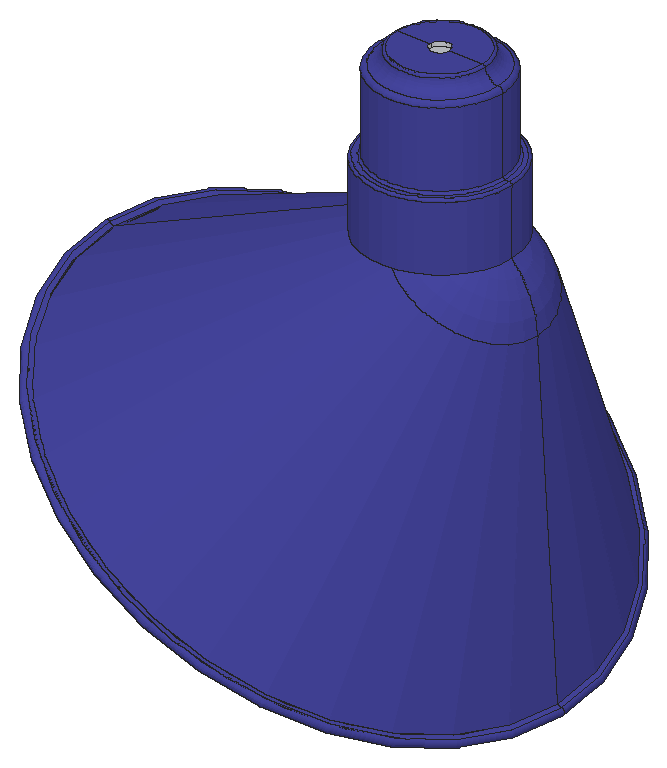
Revit family "A814 SHADE", category Lighting Fixtures, Revit 2024
Family settings
  Round Connector Dimension = Use Diameter
  Part Type = Normal
  OmniClass Number = 23.80.70.00
  OmniClass Title = Lighting
  Work Plane-Based = No
  Always vertical = Yes
  Cut with Voids When Loaded = No
  Light Source = Yes
  Maintain Annotation Orientation = No
  Shared = No
  Room Calculation Point = No
Parameters
  Wattage = 12.1178 W
  built-in parameter 1150110 = 1 (stored number, unit not read)
  built-in parameter 1114217 = 1 (stored number, unit not read)
  built-in parameter 1150109 = 1 (stored number, unit not read)
  built-in parameter 1150134 = (empty or 0)
  built-in parameter 1150113 = 1 (stored number, unit not read)
  Lumens = 1800 lm
  built-in parameter 1150115 = 1 (stored number, unit not read)
  built-in parameter 1150105 = 572.96 (stored number, unit not read)
  Light Source Symbol Size = 2' - 0"
  built-in parameter 1150137 = (empty or 0)
  built-in parameter 1150139 = (empty or 0)
  built-in parameter 1150112 = 1 (stored number, unit not read)
  built-in parameter 1150114 = 1 (stored number, unit not read)
  built-in parameter 1150132 = 2
  built-in parameter 1150102 = (empty or 0)
  built-in parameter 1150138 = (empty or 0)
  built-in parameter 1150107 = 3000 (stored number, unit not read)
  built-in parameter 1150106 = 5.7296 (stored number, unit not read)
  built-in parameter 1150104 = 13.8 (stored number, unit not read)
  Dimming Lamp Color Temperature Shift = (empty or 0)
  Default Elevation = 0' - 0"
  Color Filter = 16777215
  built-in parameter 1114218 = 1 (stored number, unit not read)
  built-in parameter 1150133 = 10 (stored number, unit not read)
Reference planes (in)
  plane 1 "Light Source Axis (F/B)": y = 0
  plane 2: z = 0
  plane 3 "Light Source Axis (L/R)": x = 0
  plane 4 "Light Source Elevation": z = 84
Forms (in)
  Revolve 1, solid
    sketch origin (0, 0, 6.50055) x (1, 0, 0) y (0, 0, 1)
      loop
        line (-0.25, 91.99957) -> (-1.11274, 91.99957)
        arc (-1.11274, 91.99957) -> (-1.15406, 91.98395) -> (-1.17474, 91.94491) r 0.0625
        arc (-1.17474, 91.94491) -> (-1.28152, 91.72879) -> (-1.49903, 91.62488) r 0.36863
        arc (-1.49903, 91.62488) -> (-1.58742, 91.58826) -> (-1.62403, 91.49988) r 0.125
        line (-1.62403, 91.49988) -> (-1.62403, 89.56185)
        arc (-1.62403, 89.56185) -> (-1.64234, 89.51765) -> (-1.68653, 89.49935) r 0.0625
        line (-1.68653, 89.49935) -> (-1.81086, 89.4993)
        arc (-1.81086, 89.4993) -> (-1.85505, 89.48099) -> (-1.87336, 89.4368) r 0.0625
        line (-1.87336, 89.4368) -> (-1.87336, 87.74927) -> (-1.77961, 87.74927) -> (-1.77961, 89.40555) -> (-1.68653, 89.40555)
        arc (-1.68653, 89.40555) -> (-1.57605, 89.45136) -> (-1.53028, 89.56185) r 0.15625
        line (-1.53028, 89.56185) -> (-1.53028, 91.49988)
        arc (-1.53028, 91.49988) -> (-1.51995, 91.5231) -> (-1.49577, 91.53096) r 0.03125
        arc (-1.49577, 91.53096) -> (-1.22835, 91.65002) -> (-1.08602, 91.90582) r 0.46238
        line (-1.08602, 91.90582) -> (-0.25, 91.90582) -> (-0.25, 91.99957)
      axis (0, 91.99957) -> (0, 87.74927)
    angle from 0 to 360
  Revolve 2, solid
    sketch origin (0, 0, 0) x (1, 0, 0) y (0, 0, 1)
      loop
        arc (2.55355, 92.68106) -> (2.33862, 93.53371) -> (1.82786, 94.24949) r 2.37214
        line (1.82786, 94.24949) -> (1.68926, 94.24949)
        arc (1.68926, 94.24949) -> (2.23203, 93.53951) -> (2.45997, 92.67539) r 2.27839
        line (2.45997, 92.67539) -> (2.9718, 84.22671) -> (3.02295, 84.19533)
        arc (3.02295, 84.19533) -> (3.12481, 84.016) -> (3.16471, 84.21833) r 0.11
        line (3.16471, 84.21833) -> (3.06243, 84.28109) -> (2.55355, 92.68106)
      axis (-2.75692, 87.74185) -> (1.398, 94.51325)
    angle from 0 to 360
Dimensions and locks (in)
  aligned and locked: plane 3 "Light Source Axis (L/R)" to imposter light
  aligned and locked: plane 1 "Light Source Axis (F/B)" to imposter light
  aligned and locked: plane 4 "Light Source Elevation" to imposter light
  aligned and locked: level to plane 2
